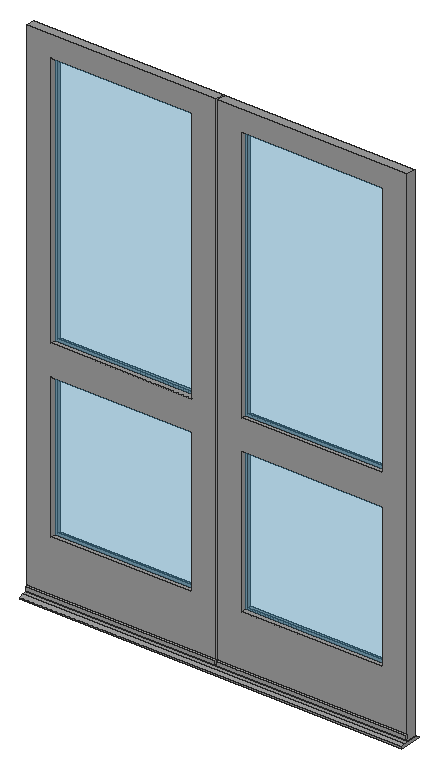
Revit family "AD E-DG-GHINGE-DBL ENT-SF", category Curtain Panels, Revit 2019
Family settings
  OmniClass Number = 23.25.20.14.11.11.17
  OmniClass Title = Infill Panels
  Always vertical = Yes
  Cut with Voids When Loaded = No
  Shared = No
Parameters
  Width [instance] = 6' - 2"
  Wide Stile Entrance [instance] = not(Medium Stile Entrance)  # no
  URL = "obe.com"
  Rough Width [instance] = 6' - 0"
  Offset [instance] = 0' - 0"
  Model = "AD E-DG"
  Min Panel Width [instance] = if(Rough Width > 5' 11 255/256", Rough Width, 6' 0")  # 6' - 0"
  Medium Stile Entrance [instance] = yes
  Manufacturer = "Oldcastle BuildingEnvelope®"
  Keynote = "08 11 00"
  Height [instance] = 8' - 0"
  Glass Material = Glass
  Frame Material = Aluminum
  Door Panel Height [instance] = Height + 0' 0 1/2"  # 8' - 0 1/2"
  Description = "ArmorDefend Medium/Wide Stile Entrance - 7/16\" Infill"
  Assembly Code = "B2030"
  Analytic Construction = "<None>"
  8 Mid Rail [instance] = no
  4 Mid Rail [instance] = if(or([6.5 Mid Rail], 1 < 0, [8 Mid Rail], 1 < 0, [10 Mid Rail], 1 < 0), 0 > 1, 1 > 0)  # yes
  6.5 Mid Rail [instance] = no
  10 Mid Rail [instance] = no
Reference planes (in)
  plane 1 "Front": y = 0
  plane 2: z = 0
  plane 3 "Center (Left/Right)": x = 0
  plane 4 "Left": x = -37
  plane 5 "Right": x = 37
  plane 6 "Top": z = 96
  plane 7: x = -36
  plane 8: x = 36
Text (in)
  text "Exterior" at (-54.29358, 31.38743, 0), in view "Ref. Level"
  text "Exterior" at (480, 41.53993, 89.60405), in view "Right"
  text "Exterior" at (-240, 57.82419, 105.78864), in view "Left"
Dimensions and locks (in)
  equal spacing: plane 4 "Left", plane 3 "Center (Left/Right)", plane 5 "Right"
  "Width": plane 4 "Left" to plane 5 "Right"
  "Height": plane 6 "Top" to plane 2
  equal spacing: plane 7, plane 3 "Center (Left/Right)", plane 8
  "Min Panel Width": plane 7 to plane 8
  aligned and locked: level to plane 2
  aligned and locked: plane 3 "Center (Left/Right)" to nested 1
  aligned and locked: plane 1 "Front" to nested 1
Nested families (in)
  nested 1: "AD E-DG-GHINGE-Double Door-Panel" at (0, -16, 0), Frame Material <- "Frame Material", Glass Material <- "Glass Material", Width <- "Min Panel Width", Height <- "Door Panel Height", Medium Stile Entrance <- "Medium Stile Entrance", Offset <- "Offset", 6.5 Mid Rail <- "6.5 Mid Rail", 8 Mid Rail <- "8 Mid Rail", 10 Mid Rail <- "10 Mid Rail", type "AD E-DG-GHINGE-Double Door-Panel"
    with Wing Width 3' - 0", built-in parameter 1001301 6' - 0", Wide Stile Entrance no, Pushbar Height 3' - 5 1/4", Offset 0' - 0", Medium Stile Entrance yes, built-in parameter 1001300 8' - 0 1/2", Glass at Muntins 0' - 4 29/64", Glass Material Glass, Frame Material Aluminum, Edge of meeting stiles 0' - 4 1/32", Edge of door panel 0' - 4 19/64", 8 Mid Rail no, 6.5 Mid Rail no, 4 Mid Rail yes, 10 Mid Rail no
Definition of nested family "AD E-DG-GHINGE-Double Door-Panel"
  Parameters (values of type "AD E-DG-GHINGE-Double Door-Panel")
    Wing Width [instance] = Width / 2  # 3' - 0"
    Width [instance] = 6' - 0"
    Wide Stile Entrance [instance] = not(Medium Stile Entrance)  # no
    Offset [instance] = 0' - 2"
    Medium Stile Entrance [instance] = yes
    Height [instance] = 8' - 0"
    Pushbar Height [instance] = 3' - 5 1/4"  # constant formula
    Glass at Muntins [instance] = if([4 Mid Rail], 0' 4 29/64", if([6.5 Mid Rail], 0' 6 61/64", if([8 Mid Rail], 0' 8 29/64", if([10 Mid Rail], 0' 10 29/64", 0' 4 29/64"))))  # 0' - 4 29/64"
    Glass Material [instance] = none
    Frame Material [instance] = none
    Edge of meeting stiles [instance] = if(Medium Stile Entrance, 0' 4 1/32", if(Wide Stile Entrance, 0' 5 9/32", 0' 4 1/32"))  # 0' - 4 1/32"
    Edge of door panel [instance] = if(Medium Stile Entrance, 0' 4 19/64", if(Wide Stile Entrance, 0' 5 35/64", 0' 4 19/64"))  # 0' - 4 19/64"
    Analytic Construction = "<None>"
    8 Mid Rail [instance] = no
    6.5 Mid Rail [instance] = no
    4 Mid Rail [instance] = if(or([6.5 Mid Rail], 1 < 0, [8 Mid Rail], 1 < 0, [10 Mid Rail], 1 < 0), 0 > 1, 1 > 0)  # yes
    10 Mid Rail [instance] = no
  Reference planes (in)
    plane 1 "00": y = 13.2655
    plane 2: z = 0
    plane 3 "Center (Left/Right)": x = 0
    plane 4: z = 96
    plane 5: x = -36
    plane 6: x = 36
    plane 7 "Center (Front/Back)": y = 16
    plane 8 "Exterior": y = 13.703
    plane 9: z = 48
    plane 10: z = 10.92188
    plane 11: z = 92.125
    plane 12: z = 0
    plane 13 "Offset": y = 14
    plane 14: z = 43.47656
    plane 15 "Pushbar Height": z = 41.25
    plane 16: z = 39.02344
    plane 17: x = 4.03125
    plane 18: x = 31.70313
    plane 19: x = -4.03125
    plane 20: x = -31.70312
  Forms (in)
    Sweep 1, solid, material <- "Frame Material"
      path origin (0, 13.2655, 0) x (1, 0, 0) y (0, 0, 1)
        loop
          line (-35.58213, 96) -> (-0.22004, 96)
      profile origin (-17.90108, 13.2655, 96) x (0, 0, 1) y (0, -1, 0)
        loop
          line (-0.625, -0.672) -> (-0.625, 1.078) -> (-2.87093, 1.078) -> (-4.46825, 1.078) -> (-4.46825, 0.215) -> (-3.875, 0.215) -> (-3.875, -0.215) -> (-4.65625, -0.215) -> (-4.65625, -0.672) -> (-2.87093, -0.672) -> (-0.625, -0.672)
    Sweep 2, solid, material <- "Frame Material"
      path origin (0, 13.2655, 0) x (1, 0, 0) y (0, 0, 1)
        loop
          line (-0.22004, 0) -> (-35.58213, 0)
      profile origin (-17.90108, 13.2655, 0) x (0, 0, -1) y (0, -1, 0)
        loop
          line (-6.94906, -0.672) -> (-0.6875, -0.672) -> (-0.6875, 1.078) -> (-1.0005, 1.078) -> (-1.0005, 1.36) -> (-1.63814, 1.36) -> (-1.80095, 1.078) -> (-6.94906, 1.078) -> (-11.49949, 1.078) -> (-11.49949, 0.215) -> (-10.92187, 0.215) -> (-10.92187, -0.215) -> (-11.68749, -0.215) -> (-11.68749, -0.672) -> (-6.94906, -0.672)
    Sweep 3, solid, material <- "Frame Material"
      path origin (0, 13.2655, 0) x (1, 0, 0) y (0, 0, 1)
        loop
          line (35.24042, 95.375) -> (35.24042, 0.6875)
      profile origin (35.24042, 13.2655, 48.03125) x (0, -1, 0) y (1, 0, 0)
        loop
          line (-0.672, 0.44708) -> (-0.672, -1.45435) -> (-0.672, -4.31854) -> (-0.21513, -4.31854) -> (-0.21513, -3.53729) -> (0.215, -3.53729) -> (0.215, -4.13054) -> (1.078, -4.13054) -> (1.078, -1.45435) -> (1.078, 0.33808) -> (-0.672, 0.44708)
    Sweep 4, solid, material <- "Frame Material"
      path origin (0, 13.2655, 0) x (1, 0, 0) y (0, 0, 1)
        loop
          line (-35.25, 95.375) -> (-35.25, 0.6875)
      profile origin (-35.25, 13.2655, 48.03125) x (0, -1, 0) y (1, 0, 0)
        loop
          line (-0.672, -0.44113) -> (1.078, -0.33213) -> (1.078, 1.46393) -> (1.078, 4.14013) -> (0.215, 4.14013) -> (0.215, 3.54687) -> (-0.215, 3.54687) -> (-0.215, 4.32813) -> (-0.672, 4.32813) -> (-0.672, 1.46393) -> (-0.672, -0.44113)
    Sweep 5, solid, material <- "Frame Material"
      path origin (0, 13.2655, 0) x (1, 0, 0) y (0, 0, 1)
        loop
          line (0, 95.375) -> (0, 0.6875)
      profile origin (0, 13.2655, 48.03125) x (0, -1, 0) y (1, 0, 0)
        loop
          line (-0.672, -0.17438) -> (-0.672, -2.18343) -> (-0.672, -4.8125) -> (-0.21513, -4.8125) -> (-0.21513, -4.03125) -> (0.215, -4.03125) -> (0.215, -4.6245) -> (1.078, -4.6245) -> (1.078, -2.18343) -> (1.078, -0.22063)
          arc (1.078, -0.22063) -> (0.20714, -0.04083) -> (-0.672, -0.17438) r 2.52255
        loop
          arc (-0.672, 0.22063) -> (0.20484, 0.13044) -> (1.078, 0.25121) r 3.68262
          line (1.078, 0.25121) -> (1.078, 3.43343) -> (1.078, 4.6245) -> (0.215, 4.6245) -> (0.215, 4.03125) -> (-0.21513, 4.03125) -> (-0.21513, 4.8125) -> (-0.672, 4.8125) -> (-0.672, 3.43343) -> (-0.672, 0.22063)
    Sweep 6, solid, material <- "Frame Material"
      path origin (0, 13.2655, 0) x (1, 0, 0) y (0, 0, 1)
        loop
          line (0.25121, 96) -> (35.5785, 96)
      profile origin (17.91485, 13.2655, 96) x (0, 0, 1) y (0, -1, 0)
        loop
          line (-0.625, -0.672) -> (-0.625, 1.078) -> (-2.77706, 1.078) -> (-4.46825, 1.078) -> (-4.46825, 0.215) -> (-3.875, 0.215) -> (-3.875, -0.215) -> (-4.65625, -0.215) -> (-4.65625, -0.672) -> (-2.77706, -0.672) -> (-0.625, -0.672)
    Sweep 7, solid, material <- "Frame Material"
      path origin (0, 13.2655, 0) x (1, 0, 0) y (0, 0, 1)
        loop
          line (35.5785, 0) -> (0.25121, 0)
      profile origin (17.91485, 13.2655, 0) x (0, 0, -1) y (0, -1, 0)
        loop
          line (-3.49593, -0.672) -> (-0.6875, -0.672) -> (-0.6875, 1.078) -> (-1.0005, 1.078) -> (-1.0005, 1.36) -> (-1.63814, 1.36) -> (-1.80095, 1.078) -> (-3.49593, 1.078) -> (-11.49949, 1.078) -> (-11.49949, 0.215) -> (-10.92187, 0.215) -> (-10.92187, -0.215) -> (-11.68749, -0.215) -> (-11.68749, -0.672) -> (-3.49593, -0.672)
    Extrusion 8, solid, material <- "Glass Material", detail levels coarse
      sketch origin (0, 0, 0) x (1, 0, 0) y (0, 1, 0)
        loop
          line (4.03125, 13.4805) -> (4.03125, 13.0505) -> (31.70313, 13.0505) -> (31.70313, 13.4805) -> (4.03125, 13.4805)
      from 92.125 to 43.47656
    Extrusion 9, solid, material <- "Glass Material", detail levels medium+fine
      sketch origin (0, 0, 0) x (1, 0, 0) y (0, 1, 0)
        loop
          line (4.03125, 13.0505) -> (31.70313, 13.0505) -> (31.70313, 13.1755) -> (4.03125, 13.1755) -> (4.03125, 13.0505)
        loop
          line (31.70313, 13.4805) -> (4.03125, 13.4805) -> (4.03125, 13.3555) -> (31.70313, 13.3555) -> (31.70313, 13.4805)
      from 43.47656 to 92.125
    Extrusion 10, solid, material <- "Glass Material", detail levels medium+fine
      sketch origin (0, 0, 0) x (1, 0, 0) y (0, 1, 0)
        loop
          line (-31.70312, 13.0505) -> (-4.03125, 13.0505) -> (-4.03125, 13.1755) -> (-31.70312, 13.1755) -> (-31.70312, 13.0505)
        loop
          line (-4.03125, 13.4805) -> (-31.70312, 13.4805) -> (-31.70312, 13.3555) -> (-4.03125, 13.3555) -> (-4.03125, 13.4805)
      from 43.47656 to 92.125
    Extrusion 11, solid, material <- "Glass Material", detail levels coarse
      sketch origin (0, 0, 0) x (1, 0, 0) y (0, 1, 0)
        loop
          line (-31.70312, 13.4805) -> (-31.70312, 13.0505) -> (-4.03125, 13.0505) -> (-4.03125, 13.4805) -> (-31.70312, 13.4805)
      from 43.47656 to 92.125
    Sweep 12, solid, material <- "Frame Material"
      path origin (0, 14, 0) x (1, 0, 0) y (0, 0, 1)
        loop
          line (-35.90455, 0) -> (35.6875, 0)
      profile origin (-0.10852, 14, 0) x (0, 0, 1) y (0, -1, 0)
        loop
          line (0.5, 2.4685) -> (0.19364, 3.1255) -> (0, 3.1255) -> (0, -0.8745) -> (0.19364, -0.8745) -> (0.5, -0.2175) -> (0.5, 2.4685)
    Extrusion 13, solid, material <- "Glass Material", detail levels medium+fine
      sketch origin (0, 0, -36) x (1, 0, 0) y (0, 1, 0)
        loop
          line (4.03125, 13.0505) -> (31.70313, 13.0505) -> (31.70313, 13.1755) -> (4.03125, 13.1755) -> (4.03125, 13.0505)
        loop
          line (31.70313, 13.4805) -> (4.03125, 13.4805) -> (4.03125, 13.3555) -> (31.70313, 13.3555) -> (31.70313, 13.4805)
      from 46.92188 to 75.02344
    Extrusion 14, solid, material <- "Glass Material", detail levels coarse
      sketch origin (0, 0, -36) x (1, 0, 0) y (0, 1, 0)
        loop
          line (4.03125, 13.0505) -> (31.70313, 13.0505) -> (31.70313, 13.4805) -> (4.03125, 13.4805) -> (4.03125, 13.0505)
      from 46.92188 to 75.02344
    Extrusion 15, solid, material <- "Glass Material", detail levels medium+fine
      sketch origin (0, 0, -32.75) x (1, 0, 0) y (0, 1, 0)
        loop
          line (-31.70312, 13.0505) -> (-4.03125, 13.0505) -> (-4.03125, 13.1755) -> (-31.70312, 13.1755) -> (-31.70312, 13.0505)
        loop
          line (-4.03125, 13.4805) -> (-31.70312, 13.4805) -> (-31.70312, 13.3555) -> (-4.03125, 13.3555) -> (-4.03125, 13.4805)
      from 43.67188 to 71.77344
    Extrusion 16, solid, material <- "Glass Material", detail levels coarse
      sketch origin (0, 0, -28.5) x (1, 0, 0) y (0, 1, 0)
        loop
          line (-31.70312, 13.4805) -> (-31.70312, 13.0505) -> (-4.03125, 13.0505) -> (-4.03125, 13.4805) -> (-31.70312, 13.4805)
      from 39.42188 to 67.52344
    Sweep 17, solid, material <- "Frame Material"
      path origin (0, 14, 0) x (1, 0, 0) y (0, 0, 1)
        loop
          line (35, 41.25) -> (1, 41.25)
      profile origin (18, 14, 41.25) x (0, 0, -1) y (0, -1, 0)
        loop
          line (-2.992, 0.0625) -> (3.008, 0.0625) -> (3.008, 0.5195) -> (2.22656, 0.5195) -> (2.22656, 0.9495) -> (2.82, 0.9495) -> (2.82, 1.8125) -> (-2.804, 1.8125) -> (-2.804, 0.9495) -> (-2.22656, 0.9495) -> (-2.22656, 0.5195) -> (-2.992, 0.5195) -> (-2.992, 0.0625)
    Sweep 18, solid, material <- "Frame Material"
      path origin (0, 14, 0) x (1, 0, 0) y (0, 0, 1)
        loop
          line (-1, 41.25) -> (-35, 41.25)
      profile origin (-18, 14, 41.25) x (0, 0, -1) y (0, -1, 0)
        loop
          line (-2.992, 0.0625) -> (3.008, 0.0625) -> (3.008, 0.5195) -> (2.22656, 0.5195) -> (2.22656, 0.9495) -> (2.82, 0.9495) -> (2.82, 1.8125) -> (-2.804, 1.8125) -> (-2.804, 0.9495) -> (-2.22656, 0.9495) -> (-2.22656, 0.5195) -> (-2.992, 0.5195) -> (-2.992, 0.0625)
  Cuts and joins
    joined: Sweep 1, Sweep 2, Sweep 3, Sweep 4, Sweep 5, Sweep 6, Sweep 7, Sweep 17, Sweep 18
  Lines and regions (in)
    model lines
      curve 1: line (3.3125, 13.703, 91.84375) -> (33.1875, 13.703, 48.02216)
      curve 2: line (33.1875, 13.703, 48.02216) -> (3.3745, 13.703, 11.20313)
      curve 3: line (-3.5625, 13.703, 91.84375) -> (-32.657, 13.703, 48)
      curve 4: line (-32.657, 13.703, 48) -> (-3.5625, 13.703, 11.20313)
  Dimensions and locks (in)
    "Height": plane 4 to level
    equal spacing: plane 5, plane 3 "Center (Left/Right)", plane 6
    "Width": plane 5 to plane 6
    plane 1 "00" to plane 8 "Exterior" to plane 13 "Offset" = 0' - 0 7/16" locked, 0' - 0.297" locked
    equal spacing: level, plane 9, plane 4
    locked: plane 3 "Center (Left/Right)" to Sweep 2 sketch curve at 0.22004
    locked: Sweep 3 sketch curve to plane 4 at 0.625
    locked: Sweep 4 sketch curve to plane 4 at 0.625
    locked: plane 3 "Center (Left/Right)" to Sweep 1 sketch curve at 0.22004
    locked: Sweep 6 sketch curve to plane 3 "Center (Left/Right)" at 0.25121
    locked: Sweep 7 sketch curve to plane 3 "Center (Left/Right)" at 0.25121
    locked: Sweep 5 sketch curve to plane 4 at 0.625
    locked: plane 10 to plane 2 at 10.92188
    locked: Sweep 7 sketch curve to plane 10 at 0.57761
    locked: Sweep 7 sketch curve to plane 10 at 0.76561
    locked: Sweep 2 sketch curve to plane 10 at 0.57761
    locked: Sweep 2 sketch curve to plane 10 at 0.76561
    equal spacing: plane 4, plane 9, plane 12
    locked: plane 11 to Sweep 6 sketch curve at 0.59325
    locked: plane 11 to Sweep 6 sketch curve at 0.78125
    locked: plane 4 to plane 11 at 3.875
    Extrusion 10 sketch curve to Extrusion 10 sketch curve to plane 1 "00" to Extrusion 10 sketch curve to Extrusion 10 sketch curve = 0' - 0 1/8" locked, 0' - 0.09" locked, 0' - 0.09" locked, 0' - 0 1/8" locked
    Extrusion 11 sketch curve to plane 1 "00" to Extrusion 11 sketch curve = 0' - 0.215" locked, 0' - 0.215" locked
    Extrusion 9 sketch curve to Extrusion 9 sketch curve to plane 1 "00" to Extrusion 9 sketch curve to Extrusion 9 sketch curve = 0' - 0 1/8" locked, 0' - 0.09" locked, 0' - 0.09" locked, 0' - 0 1/8" locked
    Extrusion 8 sketch curve to plane 1 "00" to Extrusion 8 sketch curve = 0' - 0.215" locked, 0' - 0.215" locked
    "Offset": plane 13 "Offset" to plane 7 "Center (Front/Back)"
    locked: nested 1 to plane 1 "00" at 0.0625  (x2)
    locked: plane 6 to Sweep 12 sketch curve at 0.3125
    locked: Sweep 12 sketch curve to plane 5 at 0.09545
    locked: Sweep 4 sketch curve to plane 12 at 0.6875
    locked: Sweep 5 sketch curve to plane 12 at 0.6875
    locked: Sweep 3 sketch curve to plane 12 at 0.6875
    "Edge of door panel": plane 5 to Sweep 4 sketch curve
    Sweep 4 sketch curve to Sweep 4 sketch curve to Sweep 4 sketch curve = 0' - 0.59325" locked, 0' - 0.188" locked
    "Edge of door panel": Sweep 3 sketch curve to plane 6
    Sweep 3 sketch curve to Sweep 3 sketch curve to Sweep 3 sketch curve = 0' - 0.188" locked, 0' - 0.59325" locked
    "Edge of meeting stiles": Sweep 5 sketch curve to plane 3 "Center (Left/Right)"
    "Edge of meeting stiles": plane 3 "Center (Left/Right)" to Sweep 5 sketch curve
    Sweep 5 sketch curve to Sweep 5 sketch curve to Sweep 5 sketch curve = 0' - 0.188" locked, 0' - 0.59325" locked
    Sweep 5 sketch curve to Sweep 5 sketch curve to Sweep 5 sketch curve = 0' - 0.59325" locked, 0' - 0.188" locked
    Sweep 4 sketch curve to Sweep 4 sketch curve to Sweep 4 sketch curve to Sweep 4 sketch curve to plane 13 "Offset" = 0' - 0.863" locked, 0' - 0.43" locked, 0' - 0.457" locked, 0' - 0 1/16" locked
    Sweep 5 sketch curve to Sweep 5 sketch curve to Sweep 5 sketch curve to Sweep 5 sketch curve to plane 13 "Offset" = 0' - 0.863" locked, 0' - 0.43012" locked, 0' - 0.45687" locked, 0' - 0 1/16" locked  (x2)
    Sweep 3 sketch curve to Sweep 3 sketch curve to Sweep 3 sketch curve to Sweep 3 sketch curve to plane 13 "Offset" = 0' - 0.863" locked, 0' - 0.43012" locked, 0' - 0.45687" locked, 0' - 0 1/16" locked
    "Pushbar Height": plane 15 "Pushbar Height" to level
    equal spacing: plane 14, plane 15 "Pushbar Height", plane 16
    "Glass at Muntins": plane 16 to plane 14
    Extrusion 13 sketch curve to Extrusion 13 sketch curve to plane 1 "00" to Extrusion 13 sketch curve to Extrusion 13 sketch curve = 0' - 0 1/8" locked, 0' - 0.09" locked, 0' - 0.09" locked, 0' - 0 1/8" locked
    "Edge of meeting stiles": plane 3 "Center (Left/Right)" to plane 17
    "Edge of door panel": plane 18 to plane 6
    "Edge of meeting stiles": plane 19 to plane 3 "Center (Left/Right)"
    "Edge of door panel": plane 5 to plane 20
    Extrusion 14 sketch curve to plane 1 "00" to Extrusion 14 sketch curve = 0' - 0.215" locked, 0' - 0.215" locked
    Extrusion 15 sketch curve to Extrusion 15 sketch curve to plane 1 "00" to Extrusion 15 sketch curve to Extrusion 15 sketch curve = 0' - 0 1/8" locked, 0' - 0.09" locked, 0' - 0.09" locked, 0' - 0 1/8" locked
    Extrusion 16 sketch curve to plane 1 "00" to Extrusion 16 sketch curve = 0' - 0.215" locked, 0' - 0.215" locked
    plane 6 to Sweep 17 sketch curve = 0' - 1"
    locked: Sweep 17 sketch curve to plane 3 "Center (Left/Right)" at 1
    Sweep 17 sketch curve to Sweep 17 sketch curve to plane 14 = 0' - 0.188" locked, 0' - 0.57744" locked
    Sweep 17 sketch curve to Sweep 17 sketch curve to plane 16 = 0' - 0.188" locked, 0' - 0.59344" locked
    Sweep 18 sketch curve to plane 5 = 0' - 1"
    locked: plane 3 "Center (Left/Right)" to Sweep 18 sketch curve at 1
    Sweep 18 sketch curve to Sweep 18 sketch curve to plane 16 = 0' - 0.188" locked, 0' - 0.59344" locked
    Sweep 18 sketch curve to Sweep 18 sketch curve to plane 14 = 0' - 0.188" locked, 0' - 0.57744" locked
    locked: Sweep 2 sketch curve to plane 5 at 0.41787
    locked: plane 6 to Sweep 7 sketch curve at 0.4215
    locked: Sweep 1 sketch curve to plane 5 at 0.41787
    locked: plane 6 to Sweep 6 sketch curve at 0.4215
    aligned and locked: plane 2 to level
    aligned and locked: plane 3 "Center (Left/Right)" to nested 1
    aligned and locked: Sweep 1 sketch curve to plane 4
    aligned and locked: Sweep 2 sketch curve to level
    aligned and locked: level to nested 2
    aligned and locked: nested 2 to plane 1 "00"
    aligned and locked: plane 3 "Center (Left/Right)" to Sweep 5 sketch curve
    aligned and locked: Sweep 7 sketch curve to level
    aligned and locked: plane 4 to Sweep 6 sketch curve
    aligned and locked: plane 9 to curve 3
    aligned and locked: Sweep 12 sketch curve to plane 12
    aligned and locked: Sweep 7 sketch curve to plane 10
    aligned and locked: Extrusion 9 to Sweep 5  (x2)
    aligned and locked: Extrusion 8 to Sweep 5
    aligned and locked: Extrusion 10 to Sweep 5  (x2)
    aligned and locked: Extrusion 10 to Sweep 4  (x2)
    aligned and locked: Extrusion 11 to Sweep 5
    aligned and locked: Extrusion 11 to Sweep 4
    aligned and locked: plane 11 to Extrusion 11
    aligned and locked: plane 11 to Extrusion 10
    aligned and locked: Sweep 6 sketch curve to plane 11
    aligned and locked: plane 11 to Extrusion 9
    aligned and locked: plane 11 to Extrusion 8
    aligned and locked: Extrusion 8 to cut or joined group of Sweep 1, Sweep 2, Sweep 3, Sweep 4, Sweep 5, Sweep 6, Sweep 7, Sweep 17, Sweep 18
    aligned and locked: Extrusion 8 to Extrusion 9
    aligned and locked: Extrusion 9 to Extrusion 8
    aligned and locked: Sweep 1 sketch curve to plane 11
    aligned and locked: Extrusion 11 to plane 14
    aligned and locked: Extrusion 10 to plane 14
    aligned and locked: Extrusion 9 to plane 14
    aligned and locked: Extrusion 8 to plane 14
    aligned and locked: Extrusion 13 to plane 10
    aligned and locked: Extrusion 13 to plane 16
    aligned and locked: Extrusion 13 to plane 17  (x2)
    aligned and locked: plane 18 to Extrusion 13  (x2)
    aligned and locked: Extrusion 14 to plane 17
    aligned and locked: plane 18 to Extrusion 14
    aligned and locked: Extrusion 14 to plane 16
    aligned and locked: Extrusion 14 to plane 10
    aligned and locked: Extrusion 15 to plane 10
    aligned and locked: Extrusion 15 to plane 16
    aligned and locked: plane 19 to Extrusion 15  (x2)
    aligned and locked: Extrusion 15 to plane 20  (x2)
    aligned and locked: Extrusion 16 to plane 10
    aligned and locked: Extrusion 16 to plane 16
    aligned and locked: plane 19 to Extrusion 16 sketch curve
    aligned and locked: Extrusion 16 sketch curve to plane 20
    aligned and locked: Sweep 17 sketch curve to plane 14
    aligned and locked: Sweep 17 sketch curve to plane 16
    aligned and locked: Sweep 18 sketch curve to plane 15 "Pushbar Height"
    aligned and locked: Sweep 18 sketch curve to plane 14
    aligned and locked: Sweep 18 sketch curve to plane 16
    aligned and locked: Sweep 17 sketch curve to plane 15 "Pushbar Height"
  Automatic sketch dimensions
    Sweep 1 sketch curve to Sweep 1 sketch curve = 0' - 0.59325"
    Sweep 1 sketch curve to Sweep 1 sketch curve = 0' - 0 25/32"
    Sweep 1 sketch curve to Sweep 1 sketch curve = 0' - 1.00407"  (x2)
    profile plane to Sweep 1 sketch curve = 0' - 0 5/8"
    Sweep 1 sketch curve to plane 1 "00" = 0' - 0.672"
    Sweep 1 sketch curve to plane 1 "00" = 0' - 0.215"
    plane 1 "00" to Sweep 1 sketch curve = 0' - 0.215"
    plane 1 "00" to Sweep 1 sketch curve = 0' - 1.078"
    Sweep 2 sketch curve to plane 1 "00" = 0' - 0.215"
    Sweep 2 sketch curve to Sweep 2 sketch curve = 0' - 0.57761"
    plane 1 "00" to Sweep 2 sketch curve = 0' - 1.078"
    Sweep 2 sketch curve to Sweep 2 sketch curve = 0' - 3.97282"
    Sweep 2 sketch curve to plane 1 "00" = 0' - 0.672"
    Sweep 2 sketch curve to Sweep 2 sketch curve = 0' - 0"  (x2)
    profile plane to Sweep 2 sketch curve = 0' - 1.80095"
    Sweep 2 sketch curve to Sweep 2 sketch curve = 0' - 0.16281"
    Sweep 2 sketch curve to Sweep 2 sketch curve = 0' - 0.63764"
    profile plane to Sweep 2 sketch curve = 0' - 0 11/16"
    plane 1 "00" to Sweep 2 sketch curve = 0' - 0.215"
    Sweep 2 sketch curve to Sweep 2 sketch curve = 0' - 0.282"
    Sweep 3 sketch curve to plane 6 = 0' - 0.75958"
    plane 5 to Sweep 4 sketch curve = 0' - 0 3/4"
    Sweep 6 sketch curve to Sweep 6 sketch curve = 0' - 1.09794"  (x2)
    profile plane to Sweep 6 sketch curve = 0' - 0 5/8"
    Sweep 6 sketch curve to plane 1 "00" = 0' - 0.672"
    Sweep 6 sketch curve to plane 1 "00" = 0' - 0.215"
    plane 1 "00" to Sweep 6 sketch curve = 0' - 0.215"
    plane 1 "00" to Sweep 6 sketch curve = 0' - 1.078"
    plane 1 "00" to Sweep 7 sketch curve = 0' - 1.078"
    profile plane to Sweep 7 sketch curve = 0' - 3.49593"
    Sweep 7 sketch curve to plane 1 "00" = 0' - 0.672"
    Sweep 7 sketch curve to Sweep 7 sketch curve = 0' - 0"
    profile plane to Sweep 7 sketch curve = 0' - 0 11/16"
    Sweep 7 sketch curve to plane 1 "00" = 0' - 0.215"
    plane 1 "00" to Sweep 7 sketch curve = 0' - 0.215"
    Extrusion 8 sketch curve to plane 17 = 0' - 0"
    Extrusion 8 sketch curve to plane 18 = 0' - 0"
    Extrusion 9 sketch curve to plane 17 = 0' - 0"  (x2)
    Extrusion 9 sketch curve to plane 18 = 0' - 0"  (x2)
    Extrusion 10 sketch curve to plane 20 = 0' - 0"  (x2)
    Extrusion 10 sketch curve to plane 19 = 0' - 0"  (x2)
    Extrusion 11 sketch curve to plane 20 = 0' - 0"
    Extrusion 11 sketch curve to plane 19 = 0' - 0"
    curve 4 to plane 20 = 0' - 0.95388"
    plane 9 to curve 2 = 0' - 0.02216"
    curve 2 to plane 18 = 0' - 1 31/64"
    plane 19 to curve 4 = 0' - 0 15/32"
    plane 19 to curve 3 = 0' - 0 15/32"
    curve 1 to plane 11 = 0' - 0 9/32"
    plane 17 to curve 1 = 0' - 0 23/32"
    plane 10 to curve 2 = 0' - 0 9/32"
    plane 17 to curve 2 = 0' - 0.65675"
    plane 10 to curve 4 = 0' - 0 9/32"
    curve 3 to plane 11 = 0' - 0 9/32"
    profile plane to Sweep 12 sketch curve = 0' - 0"
    Sweep 12 sketch curve to Sweep 12 sketch curve = 0' - 0.19364"  (x2)
    Sweep 12 sketch curve to profile plane = 0' - 0 1/2"
    Sweep 12 sketch curve to plane 13 "Offset" = 0' - 0.8745"
    Sweep 12 sketch curve to plane 13 "Offset" = 0' - 0.2175"
    plane 13 "Offset" to Sweep 12 sketch curve = 0' - 2.4685"
    Sweep 12 sketch curve to Sweep 12 sketch curve = 0' - 0.657"
    Extrusion 13 sketch curve to plane 17 = 0' - 0"  (x2)
    Extrusion 13 sketch curve to plane 18 = 0' - 0"  (x2)
    Extrusion 14 sketch curve to plane 17 = 0' - 0"
    Extrusion 14 sketch curve to plane 18 = 0' - 0"
    Extrusion 15 sketch curve to plane 20 = 0' - 0"  (x2)
    Extrusion 15 sketch curve to plane 19 = 0' - 0"  (x2)
    Sweep 7 sketch curve to Sweep 7 sketch curve = 0' - 0.16281"
    Sweep 7 sketch curve to Sweep 7 sketch curve = 0' - 0.313"
    Sweep 7 sketch curve to Sweep 7 sketch curve = 0' - 0.282"  (x2)
    Sweep 7 sketch curve to Sweep 7 sketch curve = 0' - 0.80045"
    plane 13 "Offset" to Sweep 17 sketch curve = 0' - 0 1/16"
    Sweep 17 sketch curve to Sweep 17 sketch curve = 0' - 0.457"  (x2)
    Sweep 17 sketch curve to Sweep 17 sketch curve = 0' - 0.863"
    Sweep 17 sketch curve to Sweep 17 sketch curve = 0' - 0.43"  (x2)
    plane 13 "Offset" to Sweep 18 sketch curve = 0' - 0 1/16"
    Sweep 18 sketch curve to Sweep 18 sketch curve = 0' - 0.457"  (x2)
    Sweep 18 sketch curve to Sweep 18 sketch curve = 0' - 0.43"  (x2)
    Sweep 18 sketch curve to Sweep 18 sketch curve = 0' - 0.863"
    profile plane to Sweep 3 sketch curve = 0' - 1.45435"  (x2)
    Sweep 3 sketch curve to profile plane = 0' - 0.33808"
    Sweep 3 sketch curve to profile plane = 0' - 0.44708"
    Sweep 4 sketch curve to profile plane = 0' - 1.46393"  (x2)
    profile plane to Sweep 4 sketch curve = 0' - 0.33213"
    profile plane to Sweep 4 sketch curve = 0' - 0.44113"
    plane 1 "00" to Sweep 5 sketch curve = 0' - 0.1405"  (x2)
    Sweep 5 sketch curve to Sweep 5 sketch curve = 0' - 1 15/32"
    Sweep 5 sketch curve to Sweep 5 sketch curve = 0' - 0.37907"  (x3)
    profile plane to Sweep 5 sketch curve = 0' - 0.22063"
    Sweep 5 sketch curve to profile plane = 0' - 0.22063"
    Sweep 5 sketch curve to profile plane = 0' - 0.25121"
    Sweep 5 sketch curve to Sweep 5 sketch curve = 0' - 0.59782"
  Nested families (in)
    nested 1: "AD E-DG-GHINGE-Double Door-Plan View" at (0, 13.203, 0), Width <- "Width", Wing Width <- "Wing Width", Medium Stile <- "Medium Stile Entrance", Wide Stile <- "Wide Stile Entrance", type "AD E-DG-GHINGE-Double Door-Plan View"
      with Wing Width 3' - 0", Width 6' - 0", Wide Stile no, Medium Stile yes
    nested 2: "AD E-DG-GHINGE-Double Door-Section" at (0, 13.2655, 0) x (0, -1, 0) z (1, 0, 0), Height <- "Height", 6.5 Mid Rail <- "6.5 Mid Rail", 8 Mid Rail <- "8 Mid Rail", 10 Mid Rail <- "10 Mid Rail", type "AD E-DG-GHINGE-Double Door-Section"
      with Pushbar Height 3' - 5 1/4", Height 8' - 0", Glass at Muntins 0' - 4 29/64", 8 Mid Rail no, 6.5 Mid Rail no, 4 Mid Rail yes, 10 Mid Rail no
  Definition of nested family "AD E-DG-GHINGE-Double Door-Plan View"
    Parameters (values of type "AD E-DG-GHINGE-Double Door-Plan View")
      Wing Width [instance] = Width / 2  # 3' - 0"
      Width [instance] = 6' - 0"
      Wide Stile [instance] = yes
      Medium Stile [instance] = yes
    Reference planes (in)
      plane 1 "Center (Front/Back)": y = 0
      plane 2: z = 0
      plane 3 "Center (Left/Right)": x = 0
      plane 4: x = -36
      plane 5: x = 36
      plane 6: x = -34.8125
      plane 7: x = 34.8125
    Lines and regions (in)
      Filled region 1, type "Solid Fill - Black", in view "Ref. Level", detail levels fine
        outline origin (0, 0, 0) x (1, 0, 0) y (0, 1, 0)
          loop
            line (34.7225, 30.71875) -> (34.7225, 6.56227) -> (34.9025, 6.56227) -> (34.9025, 30.71875) -> (34.7225, 30.71875)
      Filled region 2, type "Solid Fill - Black", in view "Ref. Level", detail levels fine
        outline origin (0, 0, 0) x (1, 0, 0) y (0, 1, 0)
          loop
            line (-34.9025, 30.71875) -> (-34.9025, 6.56227) -> (-34.7225, 6.56227) -> (-34.7225, 30.71875) -> (-34.9025, 30.71875)
      detail lines, in view "Ref. Level"
        curve 1: arc (0.0625, 0, 0) -> (10.17192, 24.98828, 0) -> (34.8125, 35.91788, 0) r 35.9375
        curve 2: arc (-0.0625, 0, 0) -> (-10.17192, 24.98828, 0) -> (-34.8125, 35.91788, 0) r 35.9375
      detail lines, in view "Ref. Level", not visible
        curve 3: line (-30.81563, 0.215, 0) -> (-5.28125, 0.215, 0)
        curve 4: line (-30.81563, -0.09, 0) -> (-5.28125, -0.09, 0)
        curve 5: line (-30.81563, -0.215, 0) -> (-5.28125, -0.215, 0)
        curve 6: line (-30.81563, 0.09, 0) -> (-5.28125, 0.09, 0)
        curve 7: line (5.28125, 0.215, 0) -> (30.81563, 0.215, 0)
        curve 8: line (30.81563, 0.09, 0) -> (5.28125, 0.09, 0)
        curve 9: line (5.28125, 0, 0) -> (30.81563, 0, 0)
        curve 10: line (30.81563, -0.125, 0) -> (5.28125, -0.125, 0)
      detail lines, in view "Ref. Level", visible <- "Wide Stile"
        curve 11: line (-34.5975, 30.71875, 0) -> (-34.5975, 6.56227, 0)
        curve 14: line (-35.0275, 30.71875, 0) -> (-35.0275, 6.56227, 0)
        curve 15: line (35.0275, 30.71875, 0) -> (35.0275, 6.56227, 0)
        curve 18: line (34.5975, 30.71875, 0) -> (34.5975, 6.56227, 0)
      detail lines, in view "Ref. Level", detail levels medium+fine
        curve 12: line (-34.7225, 30.71875, 0) -> (-34.7225, 6.56227, 0)
        curve 13: line (-34.9025, 30.71875, 0) -> (-34.9025, 6.56227, 0)
        curve 16: line (34.9025, 30.71875, 0) -> (34.9025, 6.56227, 0)
        curve 17: line (34.7225, 30.71875, 0) -> (34.7225, 6.56227, 0)
      detail lines, in view "Ref. Level", visible <- "Medium Stile"
        curve 19: line (-34.5975, 31.96875, 0) -> (-34.5975, 5.31227, 0)
        curve 20: line (-35.0275, 31.96875, 0) -> (-35.0275, 5.31227, 0)
        curve 21: line (35.0275, 31.96875, 0) -> (35.0275, 5.31227, 0)
        curve 22: line (34.5975, 31.96875, 0) -> (34.5975, 5.31227, 0)
    Dimensions and locks (in)
      equal spacing: plane 4, plane 3 "Center (Left/Right)", plane 5
      "Wing Width": plane 1 "Center (Front/Back)" to nested 1
      "Wing Width": plane 1 "Center (Front/Back)" to nested 2
      locked: plane 4 to plane 6 at 1.1875
      locked: plane 7 to plane 5 at 1.1875
      "Width": plane 4 to plane 5
      locked: plane 5 to nested 3 at 2.03125
      locked: nested 4 to plane 1 "Center (Front/Back)" at 0.1118
      locked: nested 5 to plane 1 "Center (Front/Back)" at 0.1118
      locked: nested 1 to Filled region 1 at 5.28125
      locked: nested 8 to plane 1 "Center (Front/Back)" at 1.00023
      locked: nested 2 to Filled region 2 at 5.28125
      locked: nested 9 to plane 1 "Center (Front/Back)" at 1.00023
      locked: nested 13 to plane 1 "Center (Front/Back)" at 1.00023
      locked: nested 11 to plane 4 at 2.03125  (x2)
      locked: plane 5 to nested 10 at 2.03125
      locked: nested 12 to plane 1 "Center (Front/Back)" at 1.00023
      locked: plane 5 to nested 4 at 2.25
      locked: nested 5 to plane 4 at 2.25
      "Wing Width": plane 1 "Center (Front/Back)" to nested 15
      "Wing Width": plane 1 "Center (Front/Back)" to nested 16
      locked: nested 6 to plane 4 at 2.03125
      aligned and locked: plane 1 "Center (Front/Back)" to nested 3
      aligned and locked: nested 2 to plane 6
      aligned and locked: nested 6 to plane 1 "Center (Front/Back)"
      aligned and locked: nested 1 to plane 7
      aligned and locked: nested 7 to plane 1 "Center (Front/Back)"
      aligned and locked: nested 7 to plane 3 "Center (Left/Right)"
      aligned and locked: curve 9 to nested 3
      aligned and locked: plane 7 to nested 8
      aligned and locked: plane 6 to nested 9
      aligned and locked: plane 6 to curve 2
      aligned and locked: plane 7 to curve 1
      aligned and locked: plane 6 to nested 13
      aligned and locked: nested 11 to plane 1 "Center (Front/Back)"
      aligned and locked: plane 1 "Center (Front/Back)" to nested 10
      aligned and locked: plane 7 to nested 12
      aligned and locked: nested 14 to plane 1 "Center (Front/Back)"
      aligned and locked: nested 14 to plane 3 "Center (Left/Right)"
      aligned and locked: nested 15 to plane 6
      aligned and locked: nested 16 to plane 7
    Automatic sketch dimensions
      plane 7 to Filled region 1 sketch curve = 0' - 0.09"
      Filled region 1 sketch curve to plane 7 = 0' - 0.09"
      Filled region 1 sketch curve to plane 1 "Center (Front/Back)" = 0' - 6.56227"
      Filled region 1 sketch curve to Filled region 1 sketch curve = 2' - 0.15648"
      plane 6 to Filled region 2 sketch curve = 0' - 0.09"
      Filled region 2 sketch curve to plane 6 = 0' - 0.09"
      Filled region 2 sketch curve to plane 1 "Center (Front/Back)" = 0' - 6.56227"
      Filled region 2 sketch curve to Filled region 2 sketch curve = 2' - 0.15648"
      plane 1 "Center (Front/Back)" to curve 2 = 0' - 0"
      curve 2 to plane 4 = 0' - 0"
      plane 1 "Center (Front/Back)" to curve 1 = 0' - 0"
      curve 1 to plane 5 = 0' - 0"
      plane 6 to curve 20 = 0' - 0.215"
      plane 6 to curve 14 = 0' - 0.215"
      plane 6 to curve 13 = 0' - 0.09"
      curve 12 to plane 6 = 0' - 0.09"
      curve 12 to curve 11 = 0' - 0 1/8"
      curve 19 to plane 6 = 0' - 0.215"
      plane 1 "Center (Front/Back)" to curve 5 = 0' - 0.215"
      curve 5 to plane 6 = 0' - 3.99687"
      curve 4 to curve 5 = 0' - 0"  (x2)
      curve 6 to curve 4 = 0' - 0"
      curve 3 to curve 6 = 0' - 0"  (x2)
      curve 6 to plane 1 "Center (Front/Back)" = 0' - 0.09"
      curve 6 to plane 3 "Center (Left/Right)" = 0' - 5 9/32"
      curve 5 to curve 6 = 0' - 0"
      curve 2 to plane 3 "Center (Left/Right)" = 0' - 0 1/16"
      plane 3 "Center (Left/Right)" to curve 1 = 0' - 0 1/16"
      curve 7 to plane 1 "Center (Front/Back)" = 0' - 0.215"
      curve 1 to curve 7 = 0' - 5 7/32"
      curve 9 to curve 7 = 0' - 0"
      curve 10 to curve 9 = 0' - 0"  (x2)
      curve 8 to curve 9 = 0' - 0"  (x2)
      plane 7 to curve 9 = 0' - 3.99687"
      curve 7 to curve 8 = 0' - 0"
      plane 7 to curve 22 = 0' - 0.215"
      plane 7 to curve 18 = 0' - 0.215"
      plane 7 to curve 17 = 0' - 0.09"
      curve 16 to plane 7 = 0' - 0.09"
      curve 21 to plane 7 = 0' - 0.215"
      curve 16 to curve 15 = 0' - 0 1/8"
      plane 1 "Center (Front/Back)" to curve 4 = 0' - 0.09"
      curve 10 to curve 9 = 0' - 0 1/8"
      curve 8 to plane 1 "Center (Front/Back)" = 0' - 0.09"
      curve 6 to curve 3 = 0' - 0 1/8"
      curve 20 to plane 1 "Center (Front/Back)" = 0' - 5.31227"
      curve 21 to plane 1 "Center (Front/Back)" = 0' - 5.31227"
      curve 20 to curve 19 = 0' - 0"  (x2)
      curve 22 to curve 21 = 0' - 0"  (x2)
      curve 22 to curve 17 = 0' - 1 1/4"
      curve 19 to curve 12 = 0' - 1 1/4"
      curve 18 to curve 17 = 0' - 0"  (x2)
      curve 13 to curve 12 = 0' - 0"
      curve 12 to curve 11 = 0' - 0"  (x2)
      curve 14 to curve 13 = 0' - 0"  (x2)
      curve 17 to curve 16 = 0' - 0"  (x2)
      curve 16 to curve 15 = 0' - 0"  (x2)
      curve 16 to curve 1 = 0' - 5.19913"
      curve 14 to curve 2 = 0' - 5.19913"
      curve 13 to curve 11 = 0' - 0"
      curve 14 to curve 20 = 0' - 1 1/4"
      curve 15 to curve 21 = 0' - 1 1/4"
    Nested families (in)
      nested 1: "AD-DG-8-D2602-MED STILE-MEETING-L-DI" at (34.8125, 36, 0) x (0, 1, 0) z (0, 0, 1), visible <- "Medium Stile", type "AD-DG-8-D2602-MED STILE-MEETING-L-DI", in view "Ref. Level"
      nested 2: "AD-DG-8-D2602-MED STILE-MEETING-R-DI" at (-34.8125, 36, 0) x (0, 1, 0) z (0, 0, 1), visible <- "Medium Stile", type "AD-DG-8-D2602-MED STILE-MEETING-R-DI", in view "Ref. Level"
      nested 3: "AD-DG-MED STILE-DI" at (38.03125, 0, 0), type "AD-DG-MED STILE-DI", in view "Ref. Level", not visible
      nested 4: "Hinge_Fine 1" at (38.25, -0.1118, 0) x (-1, 0, 0) z (0, 0, 1), type "Hinge_Fine 1", in view "Ref. Level"
      nested 5: "Hinge_Fine 1" at (-38.25, -0.1118, 0), type "Hinge_Fine 1", in view "Ref. Level"
      nested 6: "AD-DG-MED STILE-DI" at (-38.03125, 0, 0) x (-1, 0, 0) z (0, 0, 1), type "AD-DG-MED STILE-DI", in view "Ref. Level", not visible
      nested 7: "AD-DG-8-D2602-MED STILE-MEETING-DI" at (0, 0, 0) x (-1, 0, 0) z (0, 0, 1), type "AD-DG-8-D2602-MED STILE-MEETING-DI", in view "Ref. Level", not visible
      nested 8: "AD-DG-MED STILE-DI" at (34.8125, -1.00023, 0) x (0, -1, 0) z (0, 0, 1), visible <- "Medium Stile", type "AD-DG-MED STILE-DI", in view "Ref. Level"
      nested 9: "AD-DG-MED STILE-DI" at (-34.8125, -1.00023, 0) x (0, -1, 0) z (0, 0, 1), visible <- "Medium Stile", type "AD-DG-MED STILE-DI", in view "Ref. Level"
      nested 10: "AD-DG-WIDE STILE-DI" at (38.03125, 0, 0), type "AD-DG-WIDE STILE-DI", in view "Ref. Level", not visible
      nested 11: "AD-DG-WIDE STILE-DI" at (-38.03125, 0, 0) x (-1, 0, 0) z (0, 0, 1), type "AD-DG-WIDE STILE-DI", in view "Ref. Level", not visible
      nested 12: "AD-DG-WIDE STILE-DI" at (34.8125, -1.00023, 0) x (0, -1, 0) z (0, 0, 1), visible <- "Wide Stile", type "AD-DG-WIDE STILE-DI", in view "Ref. Level"
      nested 13: "AD-DG-WIDE STILE-DI" at (-34.8125, -1.00023, 0) x (0, -1, 0) z (0, 0, 1), visible <- "Wide Stile", type "AD-DG-WIDE STILE-DI", in view "Ref. Level"
      nested 14: "AD-DG-8W-D2602-WIDE STILE-MEETING-DI" at (0, 0, 0) x (-1, 0, 0) z (0, 0, 1), type "AD-DG-8W-D2602-WIDE STILE-MEETING-DI", in view "Ref. Level", not visible
      nested 15: "AD-DG-8W-D2602-WIDE STILE-MEETING-R-DI" at (-34.8125, 36, 0) x (0, 1, 0) z (0, 0, 1), visible <- "Wide Stile", type "AD-DG-8W-D2602-WIDE STILE-MEETING-R-DI", in view "Ref. Level"
      nested 16: "AD-DG-8W-D2602-WIDE STILE-MEETING-L-DI" at (34.8125, 36, 0) x (0, 1, 0) z (0, 0, 1), visible <- "Wide Stile", type "AD-DG-8W-D2602-WIDE STILE-MEETING-L-DI", in view "Ref. Level"
    Definition of nested family "AD-DG-8-D2602-MED STILE-MEETING-L-DI"
      Reference planes (in)
        plane 1 "Center (Front/Back)": y = 0
        plane 2: z = 0
        plane 3 "Center (Left/Right)": x = 0
    Definition of nested family "AD-DG-8-D2602-MED STILE-MEETING-R-DI"
      Reference planes (in)
        plane 1 "Center (Front/Back)": y = 0
        plane 2: z = 0
        plane 3 "Center (Left/Right)": x = 0
    Definition of nested family "AD-DG-MED STILE-DI"
      Reference planes (in)
        plane 1 "Center (Front/Back)": y = 0
        plane 2: z = 0
        plane 3 "Center (Left/Right)": x = 0
    Definition of nested family "Hinge_Fine 1"
      Reference planes (in)
        plane 1 "Center (Front/Back)": y = 0
        plane 2: z = 0
        plane 3 "Center (Left/Right)": x = 0
    Definition of nested family "AD-DG-8-D2602-MED STILE-MEETING-DI"
      Reference planes (in)
        plane 1 "Center (Front/Back)": y = 0
        plane 2: z = 0
        plane 3 "Center (Left/Right)": x = 0
    Definition of nested family "AD-DG-WIDE STILE-DI"
      Reference planes (in)
        plane 1 "Center (Front/Back)": y = 0
        plane 2: z = 0
        plane 3 "Center (Left/Right)": x = 0
    Definition of nested family "AD-DG-8W-D2602-WIDE STILE-MEETING-DI"
      Reference planes (in)
        plane 1 "Center (Front/Back)": y = 0
        plane 2: z = 0
        plane 3 "Center (Left/Right)": x = 0
    Definition of nested family "AD-DG-8W-D2602-WIDE STILE-MEETING-R-DI"
      Reference planes (in)
        plane 1 "Center (Front/Back)": y = 0
        plane 2: z = 0
        plane 3 "Center (Left/Right)": x = 0
    Definition of nested family "AD-DG-8W-D2602-WIDE STILE-MEETING-L-DI"
      Reference planes (in)
        plane 1 "Center (Front/Back)": y = 0
        plane 2: z = 0
        plane 3 "Center (Left/Right)": x = 0
  Definition of nested family "AD E-DG-GHINGE-Double Door-Section"
    Parameters (values of type "AD E-DG-GHINGE-Double Door-Section")
      Height [instance] = 6' - 0"
      Pushbar Height [instance] = 3' - 5 1/4"  # constant formula
      Glass at Muntins [instance] = if([4 Mid Rail], 0' 4 29/64", if([6.5 Mid Rail], 0' 6 61/64", if([8 Mid Rail], 0' 8 29/64", if([10 Mid Rail], 0' 10 29/64", 0' 4 29/64"))))  # 0' - 4 29/64"
      8 Mid Rail [instance] = no
      4 Mid Rail [instance] = if(or([6.5 Mid Rail], 1 < 0, [8 Mid Rail], 1 < 0, [10 Mid Rail], 1 < 0), 0 > 1, 1 > 0)  # yes
      6.5 Mid Rail [instance] = no
      10 Mid Rail [instance] = no
    Reference planes (in)
      plane 1 "Center (Front/Back)": y = 0
      plane 2: z = 0
      plane 3 "Center (Left/Right)": x = 0
      plane 4: y = 68.125
      plane 5: y = 72
      plane 6: y = 10.92188
      plane 7: y = 41.25
      plane 8: y = 43.47656
      plane 9: y = 39.02344
    Lines and regions (in)
      Filled region 1, type "Solid Fill - Black", in view "Ref. Level", detail levels fine
        outline origin (0, 0, 0) x (1, 0, 0) y (0, 1, 0)
          loop
            line (-0.09, 68.125) -> (-0.09, 43.47656) -> (0.09, 43.47656) -> (0.09, 68.125) -> (-0.09, 68.125)
      Filled region 2, type "Solid Fill - Black", in view "Ref. Level", detail levels fine
        outline origin (0, -34.25, 0) x (1, 0, 0) y (0, 1, 0)
          loop
            line (-0.09, 73.27344) -> (-0.09, 45.17188) -> (0.09, 45.17188) -> (0.09, 73.27344) -> (-0.09, 73.27344)
      detail lines, in view "Ref. Level"
        curve 1: line (-0.215, 68.125, 0) -> (-0.215, 43.47656, 0)
        curve 4: line (0.215, 68.125, 0) -> (0.215, 43.47656, 0)
        curve 5: line (0.215, 39.02344, 0) -> (0.215, 10.92188, 0)
        curve 6: line (-0.215, 39.02344, 0) -> (-0.215, 10.92188, 0)
      detail lines, in view "Ref. Level", detail levels medium+fine
        curve 2: line (-0.09, 68.125, 0) -> (-0.09, 43.47656, 0)
        curve 3: line (0.09, 68.125, 0) -> (0.09, 43.47656, 0)
        curve 7: line (0.09, 39.02344, 0) -> (0.09, 10.92188, 0)
        curve 8: line (-0.09, 39.02344, 0) -> (-0.09, 10.92188, 0)
    Dimensions and locks (in)
      nested 1 to plane 5 to plane 4 = 0' - 2 31/32" locked, 0' - 3 7/8" locked
      "Pushbar Height": plane 1 "Center (Front/Back)" to plane 7
      "Height": plane 1 "Center (Front/Back)" to plane 5
      plane 1 "Center (Front/Back)" to nested 2 = 0' - 10 59/64"
      "Glass at Muntins": plane 8 to plane 9
      equal spacing: plane 9, plane 7, plane 8
      aligned and locked: plane 3 "Center (Left/Right)" to nested 1
      aligned and locked: plane 3 "Center (Left/Right)" to nested 2
      aligned and locked: plane 4 to curve 1
      aligned and locked: plane 4 to curve 2
      aligned and locked: plane 4 to curve 3
      aligned and locked: plane 4 to curve 4
      aligned and locked: plane 6 to curve 6
      aligned and locked: plane 6 to curve 8
      aligned and locked: plane 6 to curve 7
      aligned and locked: plane 6 to curve 5
      aligned and locked: Filled region 1 sketch curve to curve 2
      aligned and locked: curve 3 to Filled region 1 sketch curve
      aligned and locked: Filled region 1 sketch curve to plane 4
      aligned and locked: plane 7 to nested 3
      aligned and locked: plane 7 to nested 4
      aligned and locked: plane 7 to nested 5
      aligned and locked: plane 7 to nested 6
      aligned and locked: Filled region 1 sketch curve to plane 8
      aligned and locked: plane 8 to curve 4
      aligned and locked: plane 8 to curve 1
      aligned and locked: plane 8 to curve 2
      aligned and locked: plane 8 to curve 3
      aligned and locked: plane 9 to curve 5
      aligned and locked: plane 9 to curve 7
      aligned and locked: plane 9 to curve 8
      aligned and locked: plane 9 to curve 6
      aligned and locked: Filled region 2 sketch curve to plane 6
      aligned and locked: Filled region 2 sketch curve to plane 9
      aligned and locked: plane 3 "Center (Left/Right)" to nested 4
      aligned and locked: plane 3 "Center (Left/Right)" to nested 5
      aligned and locked: plane 3 "Center (Left/Right)" to nested 6
      aligned and locked: plane 3 "Center (Left/Right)" to nested 3
      aligned and locked: plane 1 "Center (Front/Back)" to nested 2
    Automatic sketch dimensions
      curve 1 to plane 3 "Center (Left/Right)" = 0' - 0.215"
      curve 6 to plane 3 "Center (Left/Right)" = 0' - 0.215"
      curve 8 to plane 3 "Center (Left/Right)" = 0' - 0.09"
      curve 2 to plane 3 "Center (Left/Right)" = 0' - 0.09"
      plane 3 "Center (Left/Right)" to curve 7 = 0' - 0.09"
      plane 3 "Center (Left/Right)" to curve 3 = 0' - 0.09"
      curve 7 to curve 5 = 0' - 0 1/8"
      curve 3 to curve 4 = 0' - 0 1/8"
      Filled region 2 sketch curve to plane 3 "Center (Left/Right)" = 0' - 0.09"
      plane 3 "Center (Left/Right)" to Filled region 2 sketch curve = 0' - 0.09"
    Nested families (in)
      nested 1: "AD-DG-DOOR TOP-DI" at (0, 74.96875, 0), type "AD-DG-DOOR TOP-DI", in view "Ref. Level"
      nested 2: "AD-DG-9-D2602-10 BOT RAIL-DI" at (0, 10.92189, 0), type "AD-DG-9-D2602-10 BOT RAIL-DI", in view "Ref. Level"
      nested 3: "AD-DG-10-D2602-10 MID RAIL-DI" at (0, 41.25, 0), visible <- "10 Mid Rail", type "AD-DG-10-D2602-10 MID RAIL-DI", in view "Ref. Level"
      nested 4: "AD-DG-10-D2602-4 MID RAIL-DI" at (0, 41.25, 0), visible <- "4 Mid Rail", type "AD-DG-10-D2602-4 MID RAIL-DI", in view "Ref. Level"
      nested 5: "AD-DG-10-D2602-6.5 MID RAIL-DI" at (0, 41.25, 0), visible <- "6.5 Mid Rail", type "AD-DG-10-D2602-6.5 MID RAIL-DI", in view "Ref. Level"
      nested 6: "AD-DG-10-D2602-8 MID RAIL-DI" at (0, 41.25, 0), visible <- "8 Mid Rail", type "AD-DG-10-D2602-8 MID RAIL-DI", in view "Ref. Level"
    Definition of nested family "AD-DG-DOOR TOP-DI"
      Reference planes (in)
        plane 1 "Center (Front/Back)": y = 0
        plane 2: z = 0
        plane 3 "Center (Left/Right)": x = 0
    Definition of nested family "AD-DG-9-D2602-10 BOT RAIL-DI"
      Reference planes (in)
        plane 1 "Center (Front/Back)": y = 0
        plane 2: z = 0
        plane 3 "Center (Left/Right)": x = 0
    Definition of nested family "AD-DG-10-D2602-10 MID RAIL-DI"
      Reference planes (in)
        plane 1 "Center (Front/Back)": y = 0
        plane 2: z = 0
        plane 3 "Center (Left/Right)": x = 0
    Definition of nested family "AD-DG-10-D2602-4 MID RAIL-DI"
      Reference planes (in)
        plane 1 "Center (Front/Back)": y = 0
        plane 2: z = 0
        plane 3 "Center (Left/Right)": x = 0
    Definition of nested family "AD-DG-10-D2602-6.5 MID RAIL-DI"
      Reference planes (in)
        plane 1 "Center (Front/Back)": y = 0
        plane 2: z = 0
        plane 3 "Center (Left/Right)": x = 0
    Definition of nested family "AD-DG-10-D2602-8 MID RAIL-DI"
      Reference planes (in)
        plane 1 "Center (Front/Back)": y = 0
        plane 2: z = 0
        plane 3 "Center (Left/Right)": x = 0
